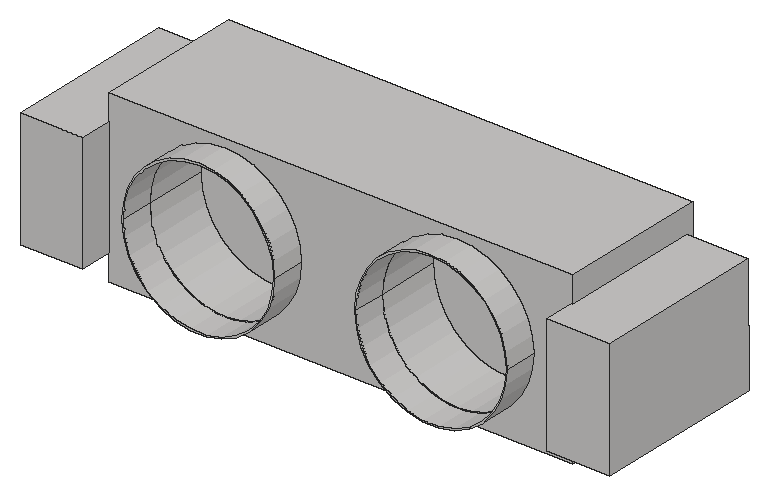
Revit family
Parameters
  Width = 4' - 0 1/8"
  Unit Weight = "86.0 lbs"
  URL = "http://www.titus-hvac.com/"
  UL = "181"
  SteriLoc Liner = Liner Option = 3  # no
  Outlet Width = Width  # 4' - 0 1/8"
  Outlet Height = Height  # 1' - 5 1/2"
  Nominal Width = Width + 1' 1"  # 5' - 1 1/8"
  Nominal Length = Length + Inlet Length  # 1' - 6 7/8"
  Nominal Inlet Size = 1' - 4"
  Nominal Height = 1' - 6"
  NFPA = "90A"
  Model = "DEDV"
  Min. Air Flow = 0 CFM
  Max. Air Flow = 4000 CFM
  Material = Steel
  Manufacturer = "Titus"
  Length = 1' - 3 1/2"
  Inlet Void Radius = Inlet Radius - 0' 0 1/8"  # 0' - 7 13/16"
  Inlet Radius = Inlet Diameter / 2  # 0' - 7 15/16"
  Inlet Offset = 2' - 0 1/8"
  Inlet Length = 0' - 3 3/8"
  Inlet Diameter = Nominal Inlet Size - 0' 0 1/8"  # 1' - 3 7/8"
  Height = 1' - 5 1/2"
  Heat Air Pressure Drop [instance] = 0.00 in-wg
  Heat Air Flow [instance] = 0 CFM
  Fiber Free Liner = Liner Option = 2  # no
  Duct Radius = Nominal Inlet Size / 2  # 0' - 8"
  Design Air Flow [instance] = 0 CFM
  Description = "Dual Duct Terminal Unit, Direct Digital Control, Pressure Independent, without Integral Mixer/Attenuator"
  Liner Option = 0
  Cool Air Pressure Drop [instance] = 0.00 in-wg
  Cool Air Flow [instance] = 0 CFM
  Control Box Offset = 0' - 3 3/8"
  CADworks URL = "www.CADworks.net"
  Assembly Code = "D3040100"
  1/2" Fiberglass Liner = Liner Option = 0  # yes
  1" Fiberglass Liner = Liner Option = 1  # no
Reference planes (in)
  plane 1 "Center (Front/Back)": y = 0
  plane 2: z = 0
  plane 3 "Center (Left/Right)": x = 0
  plane 4: y = 7.75
  plane 5: y = -7.75
  plane 6: x = 24.0625
  plane 7: x = -24.0625
  plane 8: z = 8.75
  plane 9: z = -8.75
  plane 10: y = -11.125
  plane 11: x = -12.0625
  plane 12: x = 12.0625
  plane 13: y = -11.125
  plane 14: x = 30.5625
  plane 15: x = -30.5625
Forms (in)
  Extrusion 1, solid, material "Steel" <- "Material"
    sketch origin (33, 0, -4) x (1, 0, 0) y (0, 1, 0)
      loop
        line (-57.0625, 7.75) -> (-57.0625, -7.75) -> (-8.9375, -7.75) -> (-8.9375, 7.75) -> (-57.0625, 7.75)
    from -4.75 to 12.75
  Extrusion 2, solid, material "Steel" <- "Material"
    sketch origin (4.46221, 44.62435, -28.76939) x (1, 0, 0) y (0, 0, 1)
      loop
        line (19.60029, 34.89439) -> (19.60029, 22.64439) -> (26.10029, 22.64439) -> (26.10029, 34.89439) -> (19.60029, 34.89439)
    from 37.74935 to 55.74935
  Extrusion 3, solid, material "Steel" <- "Material"
    sketch origin (13.94938, 6.875, -28.76939) x (-1, 0, 0) y (0, 0, -1)
      loop
        line (38.01188, -34.89439) -> (44.51188, -34.89439) -> (44.51188, -22.64439) -> (38.01188, -22.64439) -> (38.01188, -34.89439)
    from 0 to 18
  Extrusion 4, solid, material "Steel" <- "Material"
    sketch origin (0, -16.75, 0) x (1, 0, 0) y (0, 0, 1)
      loop
        circle (-12.0625, 0) r 7.9375
    from -9 to -5.625
  Extrusion 5, solid, material "Steel" <- "Material"
    sketch origin (12.125, -7.75, 0) x (1, 0, 0) y (0, 0, 1)
      loop
        circle (-0.0625, 0) r 7.9375
    from 0 to 3.375
  Extrusion 6, void
    sketch origin (0, 0, 0) x (1, 0, 0) y (0, 0, 1)
      loop
        circle (-12.0625, 0) r 7.8125
    from 1.125 to 11.125
  Extrusion 7, void
    sketch origin (0, 0, 0) x (1, 0, 0) y (0, 0, 1)
      loop
        circle (12.0625, 0) r 7.8125
    from 1.125 to 11.125
Cuts and joins
  Extrusion 6, Extrusion 7 cuts Extrusion 1
  Extrusion 6 cuts Extrusion 4
  Extrusion 7 cuts Extrusion 5
Dimensions and locks (in)
  "Height": plane 8 to plane 9
  equal spacing: plane 8, plane 2, plane 9
  "Width": plane 7 to plane 6
  equal spacing: plane 7, plane 3 "Center (Left/Right)", plane 6
  "Length": plane 4 to plane 5
  equal spacing: plane 4, plane 1 "Center (Front/Back)", plane 5
  locked: Extrusion 2 to Extrusion 2 at 18
  locked: Extrusion 2 sketch curve to Extrusion 2 sketch curve at 6.5
  locked: Extrusion 2 sketch curve to Extrusion 2 sketch curve at 12.25
  equal spacing: Extrusion 2 sketch curve, plane 2, Extrusion 2 sketch curve
  locked: Extrusion 3 to Extrusion 3 at 18
  locked: Extrusion 3 sketch curve to Extrusion 3 sketch curve at 6.5
  locked: Extrusion 3 sketch curve to Extrusion 3 sketch curve at 12.25
  equal spacing: Extrusion 3 sketch curve, plane 2, Extrusion 3 sketch curve
  "Inlet Length": plane 5 to plane 10
  "Inlet Offset": plane 12 to plane 11
  equal spacing: plane 12, plane 3 "Center (Left/Right)", plane 11
  "Control Box Offset": plane 5 to plane 13
  "Inlet Radius": plane 11 to cut or joined group of Extrusion 4, Extrusion 6
  "Inlet Radius": plane 12 to cut or joined group of Extrusion 5, Extrusion 7
  "Inlet Radius": radius of Extrusion 4 sketch curve
  "Inlet Radius": radius of Extrusion 5 sketch curve
  "Inlet Void Radius": radius of Extrusion 6 sketch curve
  "Inlet Void Radius": radius of Extrusion 7 sketch curve
  aligned and locked: plane 4 to Extrusion 1
  aligned and locked: plane 7 to Extrusion 1
  aligned and locked: plane 5 to Extrusion 1
  aligned and locked: plane 6 to Extrusion 1
  aligned and locked: plane 8 to Extrusion 1
  aligned and locked: plane 9 to Extrusion 1
  aligned and locked: plane 10 to Extrusion 2
  aligned and locked: plane 10 to Extrusion 3
  aligned and locked: plane 13 to Extrusion 4
  aligned and locked: plane 5 to Extrusion 4
  aligned and locked: plane 13 to Extrusion 5
  aligned and locked: plane 5 to Extrusion 5
  aligned and locked: Extrusion 6 to plane 13
  aligned and locked: plane 13 to cut or joined group of Extrusion 4, Extrusion 6
  aligned and locked: plane 13 to cut or joined group of Extrusion 5, Extrusion 7  (x2)
  aligned and locked: Extrusion 7 to plane 13
  aligned and locked: Extrusion 2 to cut or joined group of Extrusion 1, Extrusion 6, Extrusion 7
  aligned and locked: plane 6 to cut or joined group of Extrusion 1, Extrusion 6, Extrusion 7
  aligned and locked: Extrusion 3 to cut or joined group of Extrusion 1, Extrusion 6, Extrusion 7
  aligned and locked: cut or joined group of Extrusion 1, Extrusion 6, Extrusion 7 to plane 7
Automatic sketch dimensions
  Extrusion 1 sketch curve to plane 5 = 0' - 0"
  plane 7 to Extrusion 1 sketch curve = 0' - 0"
  plane 6 to Extrusion 1 sketch curve = 0' - 0"
  Extrusion 1 sketch curve to plane 4 = 0' - 0"
  plane 6 to Extrusion 2 sketch curve = 0' - 0"
  Extrusion 3 sketch curve to plane 7 = 0' - 0"
  Extrusion 4 sketch curve to level = 0' - 0"
  Extrusion 4 sketch curve to plane 11 = 0' - 0"
  Extrusion 5 sketch curve to level = 0' - 0"
  Extrusion 5 sketch curve to plane 12 = 0' - 0"
  Extrusion 6 sketch curve to level = 0' - 0"
  Extrusion 6 sketch curve to plane 11 = 0' - 0"
  Extrusion 7 sketch curve to level = 0' - 0"
  Extrusion 7 sketch curve to plane 12 = 0' - 0"
Connectors (in)
  hvac at (-12.0625, -11.125, 0), driven by "Duct Radius", driven by "Heat Air Pressure Drop", driven by "Heat Air Flow"
    settings: on cut or joined group of Extrusion 4, Extrusion 6, index 1
  hvac at (12.0625, -11.125, 0), driven by "Duct Radius", driven by "Cool Air Pressure Drop", driven by "Cool Air Flow"
    settings: on cut or joined group of Extrusion 5, Extrusion 7, index 2
  hvac at (0, 7.75, 0), driven by "Outlet Height", driven by "Outlet Width", driven by "Design Air Flow"
    settings: on cut or joined group of Extrusion 1, Extrusion 6, Extrusion 7, index 3
